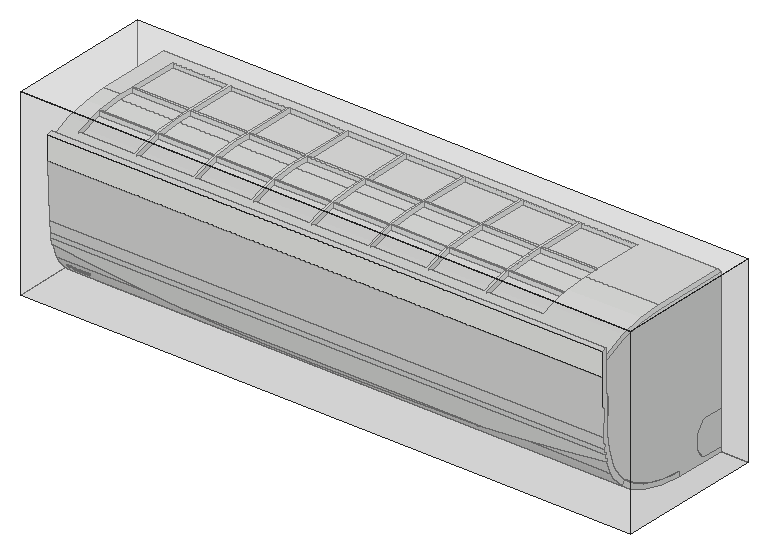
Revit family "outputfile", category 機械設備, Revit 2024
Family settings
  丸型コネクタ寸法 = 半径を使用
  パーツ タイプ = 標準
  OmniClass 番号 = 23.75.10.24.21.27.27
  OmniClass タイトル = Split System Air Conditioning Units
  作業面ベース = いいえ
  常に垂直 = はい
  ロード時にボイドで切り取り = いいえ
  注釈の向きを維持 = いいえ
  共有 = いいえ
  部屋計算ポイント = いいえ
Parameters (values of type "CTXM60RVMA")
  Description = ""
  書き出し IFC クラス(タイプ) = "IfcUnitaryEquipmentType"
  定義済み IFC タイプ(タイプ) = "AIRCONDITIONINGUNIT"
  Cost = 0
  Type Comments = ""
  Keynote = ""
  Type Image = (empty or 0)
  Assembly Code = ""
  w_wall hole = if(Width = 770.0 mm, 48.0 mm, if(Width = 990.0 mm, 60.0 mm, 89.0 mm))  # 60.0 mm
  製造元 = "Daikin"
  モデル = "CTXM60RVMA"
  switch_frequency = yes
  r_Liquid Pipe Size = Liquid Pipe Size / 2  # 3.2 mm
  r_Gas Pipe Size = Gas Pipe Size / 2  # 6.35 mm
  r_Drain Pipe Size = Drain Pipe Size / 2  # 8.0 mm
  lw_powersupply [instance] = if(Width = 770.0 mm, if(or(Rear Right Connection_refrigerant, Bottom Right Connection_refrigerant), 25.0 mm, if(or(Rear Left Connection_refrigerant, Bottom Left Connection_refrigerant), 745.0 mm, 400.0 mm)), if(Width = 990.0 mm, if(or(Rear Right Connection_refrigerant, Bottom Right Connection_refrigerant), 40.0 mm, if(or(Rear Left Connection_refrigerant, Bottom Left Connection_refrigerant), 920.0 mm, 400.0 mm)), if(Width = 1200.0 mm, if(or(Rear Right Connection_refrigerant, Bottom Right Connection_refrigerant), 89.0 mm - 19.0 mm, if(or(Rear Left Connection_refrigerant, Bottom Left Connection_refrigerant), 675.0 mm + (990.0 mm - 770.0 mm) + 145.0 mm + 22.0 mm + 89.0 mm, 400.0 mm)), if(or(Rear Right Connection_refrigerant, Bottom Right Connection_refrigerant), 89.0 mm - 19.0 mm, if(or(Rear Left Connection_refrigerant, Bottom Left Connection_refrigerant), 675.0 mm + (990.0 mm - 770.0 mm) + 145.0 mm + 22.0 mm + 89.0 mm, 400.0 mm)))))  # 400.0 mm
  lw_liquidpipe [instance] = if(Width = 770.0 mm, if(or(Rear Right Connection_refrigerant, Bottom Right Connection_refrigerant), 0.0 mm, if(or(Rear Left Connection_refrigerant, Bottom Left Connection_refrigerant), 664.0 mm, 385.0 mm)), if(Width = 990.0 mm, if(or(Rear Right Connection_refrigerant, Bottom Right Connection_refrigerant), 0.0 mm, if(or(Rear Left Connection_refrigerant, Bottom Left Connection_refrigerant), 664.0 mm + (990.0 mm - 770.0 mm), 475.0 mm)), if(Width = 1200.0 mm, if(or(Rear Right Connection_refrigerant, Bottom Right Connection_refrigerant), 0.0 mm, if(or(Rear Left Connection_refrigerant, Bottom Left Connection_refrigerant), 664.0 mm + (990.0 mm - 770.0 mm) + 145.0 mm, 460.0 mm)), if(or(Rear Right Connection_refrigerant, Bottom Right Connection_refrigerant), 0.0 mm, if(or(Rear Left Connection_refrigerant, Bottom Left Connection_refrigerant), 664.0 mm + (990.0 mm - 770.0 mm) + 145.0 mm, 460.0 mm)))))  # 475.0 mm
  lw_gaspipe [instance] = if(Width = 770.0 mm, if(or(Rear Right Connection_refrigerant, Bottom Right Connection_refrigerant), 0.0 mm, if(or(Rear Left Connection_refrigerant, Bottom Left Connection_refrigerant), 675.0 mm, if(Gas Pipe Size = 12.7 mm, 345.0 mm, 335.0 mm))), if(Width = 990.0 mm, if(or(Rear Right Connection_refrigerant, Bottom Right Connection_refrigerant), 10.0 mm, if(or(Rear Left Connection_refrigerant, Bottom Left Connection_refrigerant), 890.0 mm, if(Gas Pipe Size = 15.9 mm, 410.0 mm, 400.0 mm))), if(Width = 1200.0 mm, if(or(Rear Right Connection_refrigerant, Bottom Right Connection_refrigerant), 10.0 mm, if(or(Rear Left Connection_refrigerant, Bottom Left Connection_refrigerant), 675.0 mm + (990.0 mm - 770.0 mm) + 145.0 mm, 400.0 mm)), if(or(Rear Right Connection_refrigerant, Bottom Right Connection_refrigerant), 10.0 mm, if(or(Rear Left Connection_refrigerant, Bottom Left Connection_refrigerant), 675.0 mm + (990.0 mm - 770.0 mm) + 145.0 mm, 400.0 mm)))))  # 400.0 mm
  lw_drainpipe [instance] = if(Width = 770.0 mm, if(or(Rear Right Connection_refrigerant, Bottom Right Connection_refrigerant), 0.0 mm, if(or(Rear Left Connection_refrigerant, Bottom Left Connection_refrigerant), 770.0 mm - 48.0 mm - 48.0 mm, 440.0 mm)), if(Width = 990.0 mm, if(or(Rear Right Connection_refrigerant, Bottom Right Connection_refrigerant), 0.0 mm, if(or(Rear Left Connection_refrigerant, Bottom Left Connection_refrigerant), 675.0 mm + (990.0 mm - 770.0 mm), 435.0 mm)), if(Width = 1200.0 mm, if(or(Rear Right Connection_refrigerant, Bottom Right Connection_refrigerant), 0.0 mm, if(or(Rear Left Connection_refrigerant, Bottom Left Connection_refrigerant), 675.0 mm + (990.0 mm - 770.0 mm) + 145.0 mm, 465.0 mm)), if(or(Rear Right Connection_refrigerant, Bottom Right Connection_refrigerant), 0.0 mm, if(or(Rear Left Connection_refrigerant, Bottom Left Connection_refrigerant), 675.0 mm + (990.0 mm - 770.0 mm) + 145.0 mm, 465.0 mm)))))  # 435.0 mm
  l_powersupply_length [instance] = if(Width = 770.0 mm, if(Right Connection_refrigerant, 400.0 mm, if(Left Connection_refrigerant, 770.0 mm - 400.0 mm, if(or(Rear Left Connection_refrigerant, Rear Right Connection_refrigerant), 15.0 mm, 50.0 mm))), if(Width = 990.0 mm, if(Right Connection_refrigerant, 400.0 mm, if(Left Connection_refrigerant, 990.0 mm - 400.0 mm, if(or(Rear Left Connection_refrigerant, Rear Right Connection_refrigerant), 15.0 mm, 50.0 mm))), if(Width = 1200.0 mm, if(Right Connection_refrigerant, 400.0 mm, if(Left Connection_refrigerant, 1200.0 mm - 400.0 mm, if(or(Rear Left Connection_refrigerant, Rear Right Connection_refrigerant), 15.0 mm, 50.0 mm))), if(Right Connection_refrigerant, 400.0 mm, if(Left Connection_refrigerant, 1200.0 mm - 400.0 mm, if(or(Rear Left Connection_refrigerant, Rear Right Connection_refrigerant), 15.0 mm, 50.0 mm))))))  # 400.0 mm
  l_liquidpipe_length [instance] = if(Width = 770.0 mm, if(Right Connection_refrigerant, 433.0 mm, if(Left Connection_refrigerant, 337.0 mm, if(or(Rear Left Connection_refrigerant, Rear Right Connection_refrigerant), 30.0 mm, 40.0 mm))), if(Width = 990.0 mm, if(Right Connection_refrigerant, 535.0 mm, if(Left Connection_refrigerant, 455.0 mm, if(or(Rear Left Connection_refrigerant, Rear Right Connection_refrigerant), 30.0 mm, 40.0 mm))), if(Width = 1200.0 mm, if(Right Connection_refrigerant, 549.0 mm, if(Left Connection_refrigerant, 1200.0 mm - 549.0 mm, if(or(Rear Left Connection_refrigerant, Rear Right Connection_refrigerant), 30.0 mm, 40.0 mm))), if(Right Connection_refrigerant, 549.0 mm, if(Left Connection_refrigerant, 1200.0 mm - 549.0 mm, if(or(Rear Left Connection_refrigerant, Rear Right Connection_refrigerant), 30.0 mm, 40.0 mm))))))  # 535.0 mm
  l_gaspipe_length [instance] = if(Width = 770.0 mm, if(Right Connection_refrigerant, if(Gas Pipe Size = 12.7 mm, 393.0 mm, 383.0 mm), if(Left Connection_refrigerant, if(Gas Pipe Size = 12.7 mm, 770.0 mm - 393.0 mm, 770.0 mm - 383.0 mm), if(or(Rear Left Connection_refrigerant, Rear Right Connection_refrigerant), 40.0 mm, 50.0 mm))), if(Width = 990.0 mm, if(Right Connection_refrigerant, if(Gas Pipe Size = 15.9 mm, 470.0 mm, 460.0 mm), if(Left Connection_refrigerant, if(Gas Pipe Size = 15.9 mm, 990.0 mm - 470.0 mm, 990.0 mm - 460.0 mm), if(or(Rear Left Connection_refrigerant, Rear Right Connection_refrigerant), 40.0 mm, 50.0 mm))), if(Width = 1200.0 mm, if(Right Connection_refrigerant, 489.0 mm, if(Left Connection_refrigerant, 1200.0 mm - 489.0 mm, if(or(Rear Left Connection_refrigerant, Rear Right Connection_refrigerant), 40.0 mm, 50.0 mm))), if(Right Connection_refrigerant, 489.0 mm, if(Left Connection_refrigerant, 1200.0 mm - 489.0 mm, if(or(Rear Left Connection_refrigerant, Rear Right Connection_refrigerant), 40.0 mm, 50.0 mm))))))  # 460.0 mm
  l_drainpipe_length [instance] = if(Width = 770.0 mm, if(Right Connection_refrigerant, 488.0 mm, if(Left Connection_refrigerant, 282.0 mm, if(or(Rear Left Connection_refrigerant, Rear Right Connection_refrigerant), 15.0 mm, 20.0 mm))), if(Width = 990.0 mm, if(Right Connection_refrigerant, 495.0 mm, if(Left Connection_refrigerant, 495.0 mm, if(or(Rear Left Connection_refrigerant, Rear Right Connection_refrigerant), 15.0 mm, 20.0 mm))), if(Width = 1200.0 mm, if(Right Connection_refrigerant, 554.0 mm, if(Left Connection_refrigerant, 1200.0 mm - 554.0 mm, if(or(Rear Left Connection_refrigerant, Rear Right Connection_refrigerant), 15.0 mm, 20.0 mm))), if(Right Connection_refrigerant, 554.0 mm, if(Left Connection_refrigerant, 1200.0 mm - 554.0 mm, if(or(Rear Left Connection_refrigerant, Rear Right Connection_refrigerant), 15.0 mm, 20.0 mm))))))  # 495.0 mm
  h*** = 0.0 mm  # constant formula
  connector_voltage = Voltage_50Hz  # 230 V
  connector_powerinput = if([Power Input (Cooling)] > [Power Input (Heating)], [Power Input (Cooling)], [Power Input (Heating)])  # 0.000 kW
  connector_phase = Phase_50Hz  # 1
  angle_vertical [instance] = if(or(Bottom Left Connection_refrigerant, Bottom Right Connection_refrigerant), 0.00°, 90.00°)  # 90.00°
  angle_horizontal [instance] = if(Right Connection_refrigerant, 90.00°, if(Left Connection_refrigerant, -90.00°, if(or(Rear Left Connection_refrigerant, Rear Right Connection_refrigerant), 180.00°, 0.00°)))  # 90.00°
  Width = 990.0 mm
  Voltage_comment_50Hz = "220 - 240"
  Voltage_50Hz = 230 V
  Version = "ver.1.0"
  Unit Type = "Wall Mounted"
  Unit Mass Weight = 13.00 kg
  Unit Designation [instance] = ""
  Uniclass2015Version = "Products v1.30"
  Uniclass2015Title = "Split coil room air conditioning units"
  Uniclass2015Code = "Pr_70_65_03_86"
  URL = ""
  Total Heating Capacity [instance] = 0.000 kW
  Total Cooling Capacity [instance] = 0.000 kW
  Sound Pressure Level_M speed (dBA) = 42
  Sound Pressure Level_L speed (dBA) = 36
  Sound Pressure Level_H speed (dBA) = 48
  Sound Power Level_H speed (dB) = 0
  Series = "Multi Split_Fan Coil Unit"
  Sensible Cooling Capacity [instance] = 0.000 kW
  Refrigerant Type = "R32"
  Power Input (Heating) = 0.000 kW
  Power Input (Cooling) = 0.000 kW
  Phase_50Hz = 1
  Option Accessory 3 [instance] = ""
  Option Accessory 2 [instance] = ""
  Option Accessory 1 [instance] = ""
  Nominal Heating Capacity = 6.100 kW
  Nominal Cooling Capacity = 6.000 kW
  Minimum Circuit Amps_50Hz = 0.0 A
  Minimum Airflow = 762.00 m³/h
  Median Airflow = 948.00 m³/h
  Maximum Fuse Amps_50Hz = 0.0 A
  Maximum Airflow = 1170.00 m³/h
  Material_Casing = DAIKIN_White_Casing_indoorunit
  Load Classification = HVAC
  Liquid Pipe Size = 6.4 mm
  Link_Nested Family [instance] = ""
  IfcVersion = ""
  IfcExportType = "AIRCONDITIONINGUNIT"
  IfcExportAs = "IfcUnitaryEquipmentType"
  Height = 295.0 mm
  Heating Entering Wet Bulb Temperature [instance] = 0.00 °C
  Heating Entering Dry Bulb Temperature [instance] = 0.00 °C
  Heating Ambient Wet Bulb Temperature [instance] = 0.00 °C
  Heating Ambient Dry Bulb Temperature [instance] = 0.00 °C
  Heat Exchanger Type = "Cross Fin Coil"
  Gas Pipe Size = 12.7 mm
  Frequency_50Hz = 50 Hz
  Fan Type = "Cross Flow Fan"
  Fan Drive = "Direct Drive"
  FCU Tag No. [instance] = ""
  Drain Pipe Size = 16.0 mm
  Design Supply Airflow [instance] = 0.00 m³/h
  Depth = 263.0 mm
  既定の高さ = 0.0 mm
  Cooling Entering Wet Bulb Temperature [instance] = 0.00 °C
  Cooling Entering Dry Bulb Temperature [instance] = 0.00 °C
  Cooling Ambient Wet Bulb Temperature [instance] = 0.00 °C
  Cooling Ambient Dry Bulb Temperature [instance] = 0.00 °C
  Clearance visibility [instance] = yes
  Clearance Top = 30.0 mm
  Clearance Right = 50.0 mm
  Clearance Rear = 0.0 mm
  Clearance Left = 50.0 mm
  Clearance Front = 0.0 mm
  Clearance Bottom = 0.0 mm
  Bottom Right Connection_refrigerant [instance] = no
  Bottom Left Connection_refrigerant [instance] = no
  Rear Right Connection_refrigerant [instance] = no
  Rear Left Connection_refrigerant [instance] = no
  Right Connection_refrigerant [instance] = yes
  Left Connection_refrigerant [instance] = no
Reference planes
  plane 1 "Back": y = 0
  plane 2: z = 0
  plane 3 "Center (Left/Right)": x = 0
  plane 4 "Center (Front/Back)": y = -131.5
  plane 5 "Front": y = -263
  plane 6 "Left": x = -495
  plane 7 "Right": x = 495
  plane 8 "Top": z = 0
  plane 9 "Bottom": z = -295
  plane 10: x = -545
  plane 11: x = 545
  plane 12: y = 0
  plane 13: y = -263
  plane 14: z = 30
  plane 15: z = -295
  plane 16 "lw_Piping and Wiring intake": x = 435
  plane 17 "lw_gaspipe": x = 35
  plane 18 "lw_liquidpipe": x = -40
  plane 19 "lw_drainpipe": x = 0
  plane 20 "lh_drainpipe": z = -275
  plane 21 "lh_liquidpipe": z = -255
  plane 22 "lh_gaspipe": z = -245
  plane 23 "ld_drainpipe": y = -15
  plane 24 "ld_liquidpipe": y = -30
  plane 25 "ld_gaspipe": y = -40
  plane 26 "lw_powersupply": x = 95
Dimensions and locks
  equal spacing: plane 6 "Left", plane 3 "Center (Left/Right)", plane 7 "Right"
  "Width": plane 6 "Left" to plane 7 "Right"
  equal spacing: plane 5 "Front", plane 4 "Center (Front/Back)", plane 1 "Back"
  "Depth": plane 5 "Front" to plane 1 "Back"
  "Height": plane 8 "Top" to plane 9 "Bottom"
  "Clearance Rear": plane 12 to plane 1 "Back"
  "Clearance Front": plane 13 to plane 5 "Front"
  "Clearance Top": plane 14 to plane 8 "Top"
  "Clearance Bottom": plane 9 "Bottom" to plane 15
  "w_wall hole": plane 16 "lw_Piping and Wiring intake" to plane 7 "Right"
  "lw_gaspipe": plane 17 "lw_gaspipe" to plane 16 "lw_Piping and Wiring intake"
  "lw_liquidpipe": plane 18 "lw_liquidpipe" to plane 16 "lw_Piping and Wiring intake"
  "lw_drainpipe": plane 19 "lw_drainpipe" to plane 16 "lw_Piping and Wiring intake"
  locked: plane 20 "lh_drainpipe" to plane 9 "Bottom" at 20
  locked: plane 21 "lh_liquidpipe" to plane 9 "Bottom" at 40
  locked: plane 22 "lh_gaspipe" to plane 9 "Bottom" at 50
  locked: plane 23 "ld_drainpipe" to plane 1 "Back" at 15
  locked: plane 1 "Back" to plane 24 "ld_liquidpipe" at 30
  locked: plane 1 "Back" to plane 25 "ld_gaspipe" at 40
  "lw_powersupply": plane 26 "lw_powersupply" to plane 7 "Right"
  "Clearance Right": plane 7 "Right" to plane 11
  "Clearance Left": plane 10 to plane 6 "Left"
  aligned and locked: level to plane 2
  aligned and locked: plane 12 to nested 1
  aligned and locked: nested 1 to plane 13
  aligned and locked: plane 10 to nested 1
  aligned and locked: plane 11 to nested 1
  aligned and locked: plane 15 to nested 1
  aligned and locked: plane 14 to nested 1
  aligned and locked: plane 17 "lw_gaspipe" to nested 2
  aligned and locked: nested 2 to plane 25 "ld_gaspipe"
  aligned and locked: plane 18 "lw_liquidpipe" to nested 3
  aligned and locked: nested 3 to plane 24 "ld_liquidpipe"
  aligned and locked: plane 19 "lw_drainpipe" to nested 4
  aligned and locked: nested 4 to plane 23 "ld_drainpipe"
  aligned and locked: nested 5 to plane 23 "ld_drainpipe"
  aligned and locked: plane 26 "lw_powersupply" to nested 5
  aligned and locked: level to plane 8 "Top"
  aligned and locked: plane 3 "Center (Left/Right)" to nested 6
  aligned and locked: plane 1 "Back" to nested 6
  aligned and locked: plane 8 "Top" to nested 6
Nested families
  nested 1: "daikin_clearancespace" at (0, -131.5, -132.381), show <- "Clearance visibility", visible <- "Clearance visibility", Link_Nested Family <- "Link_Nested Family", type "daikin_clearancespace"
    with width 1090.0 mm, show yes, height 325.0 mm, depth 263.0 mm, Link_Nested Family ""
  nested 2: "daikin_connector_rotate3" at (35, -40, -245), angle_vertical <- "angle_vertical", angle_horizontal <- "angle_horizontal", length <- "l_gaspipe_length", radius <- "r_Gas Pipe Size", type "daikin_connector_rotate3"
    with show no, radius 6.35 mm, length 460.0 mm, angle_vertical 90.00°, angle_horizontal 90.00°
  nested 3: "daikin_connector_rotate3" at (-40, -30, -255), angle_vertical <- "angle_vertical", angle_horizontal <- "angle_horizontal", radius <- "r_Liquid Pipe Size", length <- "l_liquidpipe_length", type "daikin_connector_rotate3"
    with show no, radius 3.2 mm, length 535.0 mm, angle_vertical 90.00°, angle_horizontal 90.00°
  nested 4: "daikin_connector_rotate3" at (0, -15, -275), angle_vertical <- "angle_vertical", angle_horizontal <- "angle_horizontal", length <- "l_drainpipe_length", radius <- "r_Drain Pipe Size", type "daikin_connector_rotate3"
    with show no, radius 8.0 mm, length 495.0 mm, angle_vertical 90.00°, angle_horizontal 90.00°
  nested 5: "daikin_connector_rotate3" at (95, -15, -245), angle_vertical <- "angle_vertical", angle_horizontal <- "angle_horizontal", length <- "l_powersupply_length", type "daikin_connector_rotate3"
    with show no, radius 10.0 mm, length 400.0 mm, angle_vertical 90.00°, angle_horizontal 90.00°
  nested 6: "DAIKIN_indoorunit_CTXM-RVMA" at (-31, 0, 0), type "CTXM-RVMA"
    with switch_unit1_50-71 yes, switch_unit1_20-46 no, Width 990.0 mm, WALL HOLE-R 60.0 mm, WALL HOLE Size 80.0 mm, Height 295.0 mm
Connectors
  piping at (495, -40, -245), diameter 12.7, driven by "r_Gas Pipe Size"
    settings: on nested 2, index 1, connector inside diameter 609.6 mm, connector length 0.0 mm, flow factor 0, pipe flow 0.00 m³/h, pressure drop 0.0 Pa, fitting loss kfactor 0, connector angle 0.00°, fixture units 0, engagement length 0.0 mm, angle of deflection 0.00°, flow configuration 1, flow direction 2, fitting loss method 0, system type 29, joint type 0, gender type 0, connector reference index -1, connector utility 0, adjustable connector no, is connector primary yes, connector description "Refrigerant Gas Piping"
  piping at (495, -30, -255), diameter 6.4, driven by "r_Liquid Pipe Size"
    settings: on nested 3, index 2, connector inside diameter 609.6 mm, connector length 0.0 mm, flow factor 0, pipe flow 0.00 m³/h, pressure drop 0.0 Pa, fitting loss kfactor 0, connector angle 0.00°, fixture units 0, engagement length 0.0 mm, angle of deflection 0.00°, flow configuration 1, flow direction 1, fitting loss method 0, system type 29, joint type 0, gender type 0, connector reference index -1, connector utility 0, adjustable connector no, is connector primary no, connector description "Refrigerant Liquid Piping"
  piping at (495, -15, -275), diameter 16, driven by "r_Drain Pipe Size"
    settings: on nested 4, index 3, connector inside diameter 609.6 mm, connector length 0.0 mm, flow factor 0, pipe flow 0.00 m³/h, pressure drop 0.0 Pa, fitting loss kfactor 0, connector angle 0.00°, fixture units 0, engagement length 0.0 mm, angle of deflection 0.00°, flow configuration 1, flow direction 2, fitting loss method 4, system type 16, joint type 0, gender type 0, connector reference index -1, connector utility 0, adjustable connector no, is connector primary no, connector description "Condensate Drain Piping"
  electrical at (495, -15, -245), driven by "Load Classification", driven by "connector_voltage", driven by "connector_phase", driven by "connector_powerinput"
    settings: on nested 5, index 4, voltage 230 V, apparent load 0 VA, apparent load phase1 0 VA, apparent load phase2 0 VA, apparent load phase3 0 VA, power factor 1, load classification "HVAC", number of poles 1, system type 30, power factor state 1, is connector primary yes, connector utility no, sub classification motor no, connector description "Power Supply"
Definition of nested family "daikin_clearancespace"
  Parameters (values of type "daikin_clearancespace")
    Description = "daikin_clearancespace"
    width [instance] = 1823.963 mm
    show [instance] = yes
    material = none
    height [instance] = 1359.762 mm
    depth [instance] = 880.0 mm
    Default Elevation = 0.0 mm
    Link_Nested Family [instance] = ""
  Reference planes
    plane 1 "Center (Front/Back)": y = 0
    plane 2 "Center (Elevation)": z = -0.119
    plane 3 "Center (Left/Right)": x = 0
    plane 4: y = 440
    plane 5: y = -440
    plane 6 "Right": x = 911.982
    plane 7 "Left": x = -911.982
    plane 8 "Top": z = 679.762
    plane 9 "Bottom": z = -680
  Forms (mm)
    Extrusion 1, solid, material <- "material", visible <- "show"
      sketch origin (0, 0, 0) x (1, 0, 0) y (0, 1, 0)
        loop
          line (-911.982, 440) -> (-911.982, -440) -> (911.982, -440) -> (911.982, 440) -> (-911.982, 440)
      from -680 to 679.762
  Lines and regions (mm)
    symbolic lines, visible <- "show"
      curve 1: line (911.982, 440, 0) -> (-911.982, 440, 0)
      curve 2: line (-911.982, 440, 0) -> (-911.982, -440, 0)
      curve 3: line (-911.982, -440, 0) -> (911.982, -440, 0)
      curve 4: line (911.982, -440, 0) -> (911.982, 440, 0)
      curve 5: line (911.982, 0, 679.762) -> (-911.982, 0, 679.762)
      curve 6: line (911.982, 0, -680) -> (911.982, 0, 679.762)
      curve 7: line (-911.982, 0, -680) -> (911.982, 0, -680)
      curve 8: line (-911.982, 0, 679.762) -> (-911.982, 0, -680)
      curve 9: line (0, 440, 679.762) -> (0, -440, 679.762)
      curve 10: line (0, -440, 679.762) -> (0, -440, -680)
      curve 11: line (0, 440, -680) -> (0, 440, 679.762)
      curve 12: line (0, -440, -680) -> (0, 440, -680)
  Dimensions and locks
    "width": plane 7 "Left" to plane 6 "Right"
    "depth": plane 4 to plane 5
    "height": plane 8 "Top" to plane 9 "Bottom"
    equal spacing: plane 7 "Left", plane 3 "Center (Left/Right)", plane 6 "Right"
    equal spacing: plane 4, plane 1 "Center (Front/Back)", plane 5
    equal spacing: plane 8 "Top", plane 2 "Center (Elevation)", plane 9 "Bottom"
    aligned and locked: level to plane 2 "Center (Elevation)"
    aligned and locked: Extrusion 1 sketch curve to plane 4
    aligned and locked: plane 7 "Left" to Extrusion 1 sketch curve
    aligned and locked: Extrusion 1 sketch curve to plane 5
    aligned and locked: Extrusion 1 sketch curve to plane 6 "Right"
    aligned and locked: plane 8 "Top" to Extrusion 1
    aligned and locked: curve 1 to Extrusion 1
    aligned and locked: curve 2 to Extrusion 1
    aligned and locked: curve 3 to Extrusion 1
    aligned and locked: curve 4 to Extrusion 1
    aligned and locked: curve 5 to Extrusion 1
    aligned and locked: curve 6 to Extrusion 1
    aligned and locked: curve 7 to Extrusion 1
    aligned and locked: curve 8 to Extrusion 1
    aligned and locked: curve 9 to Extrusion 1
    aligned and locked: curve 10 to Extrusion 1
    aligned and locked: curve 11 to Extrusion 1
    aligned and locked: curve 12 to Extrusion 1
    aligned and locked: Extrusion 1 to plane 9 "Bottom"
Definition of nested family "DAIKIN_indoorunit_CTXM-RVMA"
  Parameters (values of type "CTXM-RVMA")
    switch_unit1_85-95 = Width = 1200.0 mm  # no
    switch_unit1_50-71 = Width = 990.0 mm  # no
    switch_unit1_20-46 = Width = 770.0 mm  # yes
    Width = 770.0 mm
    WALL HOLE_L = if(Width = 1200.0 mm, 65.0 mm, 48.0 mm)  # 48.0 mm
    WALL HOLE_H = if(Width = 1200.0 mm, 45.0 mm, 44.5 mm)  # 44.5 mm
    WALL HOLE-R = if(Width = 770.0 mm, 48.0 mm, if(Width = 990.0 mm, 60.0 mm, 89.0 mm))  # 48.0 mm
    WALL HOLE Size = if(Width = 770.0 mm, 65.0 mm, 80.0 mm)  # 65.0 mm
    Material_Casing = none
    Height = if(Width = 770.0 mm, 285.0 mm, if(Width = 990.0 mm, 295.0 mm, 340.0 mm))  # 285.0 mm
    Default Elevation = 0.0 mm
  Reference planes
    plane 1 "Center (Front/Back)": y = 0
    plane 2 "reference_level": z = 0
    plane 3 "Center (Left/Right)": x = 31
    plane 4: x = -354
    plane 5: x = 416
    plane 6: z = -285
  Forms (mm)
    Extrusion 1, solid, material <- "Material_Casing", visible <- "switch_unit1_20-46"
      sketch origin (29, 0, 0) x (0, 1, 0) y (0, 0, 1)
        loop
          line (-5, 0) -> (-98, 0)
          arc (-98, 0) -> (-157.611, -7.211) -> (-213.783, -28.427) r 250
          arc (-213.783, -28.427) -> (-213.842, -32.972) -> (-213.892, -37.516) r 2191
          arc (-213.892, -37.516) -> (-157.832, -15.495) -> (-98.07, -8) r 242
          line (-98.07, -8) -> (0, -8) -> (-5, 0)
      from -383 to 387
    Extrusion 2, solid, material <- "Material_Casing", visible <- "switch_unit1_20-46"
      sketch origin (416, 1296.25, 1200) x (0, 1, 0) y (0, 0, 1)
        loop
          line (-1472.998, -1446.91) -> (-1476.998, -1453.839)
          arc (-1476.998, -1453.839) -> (-1437.481, -1472.422) -> (-1395.25, -1483.538) r 240
          line (-1395.25, -1483.538) -> (-1395.25, -1475.422)
          arc (-1395.25, -1475.422) -> (-1435.407, -1464.663) -> (-1472.998, -1446.91) r 232
      from 0 to -47.5
    Extrusion 3, solid, material <- "Material_Casing", visible <- "switch_unit1_20-46"
      sketch origin (29, 0, 0) x (0, 1, 0) y (0, 0, 1)
        loop
          arc (-223, -60.455) -> (-222.414, -110.646) -> (-220.656, -160.81) r 2149.92
          arc (-220.656, -160.81) -> (-219.65, -174.299) -> (-217.853, -187.706) r 229.911
          arc (-217.853, -187.706) -> (-205.371, -223.594) -> (-181.517, -253.17) r 111
          line (-181.517, -253.17) -> (-177.429, -246.093)
          arc (-177.429, -246.093) -> (-198.77, -218.989) -> (-209.965, -186.36) r 103
          arc (-209.965, -186.36) -> (-211.681, -173.586) -> (-212.651, -160.735) r 221.844
          arc (-212.651, -160.735) -> (-214.739, -93.233) -> (-214.74, -25.699) r 2186.828
          arc (-214.74, -25.699) -> (-214.671, -21.467) -> (-214.594, -17.235) r 2192
          line (-214.594, -17.235) -> (-223, -19.961) -> (-223, -60.455)
      from -383 to 387
    Extrusion 4, solid, material <- "Material_Casing", visible <- "switch_unit1_20-46"
      sketch origin (29, 0, 0) x (0, 1, 0) y (0, 0, 1)
        loop
          line (-181.517, -253.17) -> (-179.597, -249.846)
          arc (-179.597, -249.846) -> (-202.009, -221.399) -> (-213.189, -186.952) r 103
          line (-213.189, -186.952) -> (-217.853, -187.706)
          arc (-217.853, -187.706) -> (-217.533, -189.556) -> (-217.182, -191.4) r 111
          arc (-217.182, -191.4) -> (-213.806, -208.181) -> (-210.362, -224.948) r 4257.809
          arc (-210.362, -224.948) -> (-198.886, -237.857) -> (-186.225, -249.607) r 180
          line (-186.225, -249.607) -> (-181.517, -253.17)
      from -383 to 387
    Extrusion 5, solid, material <- "Material_Casing", visible <- "switch_unit1_20-46"
      sketch origin (29, 0, -20) x (0, 1, 0) y (0, 0, 1)
        loop
          line (0, -265) -> (0, 12) -> (-98.07, 12)
          arc (-98.07, 12) -> (-157.832, 4.505) -> (-213.892, -17.516) r 242
          arc (-213.892, -17.516) -> (-213.638, -79.114) -> (-211.653, -140.681) r 2191
          arc (-211.653, -140.681) -> (-210.685, -153.501) -> (-208.973, -166.243) r 221
          arc (-208.973, -166.243) -> (-197.471, -199.282) -> (-175.482, -226.491) r 102
          arc (-175.482, -226.491) -> (-138.004, -244.019) -> (-98, -254.579) r 231
          line (-98, -254.579) -> (-98, -265) -> (0, -265)
      from -383 to 387
    Extrusion 6, solid, material <- "Material_Casing", visible <- "switch_unit1_20-46"
      sketch origin (-354, 1296.25, 1200) x (0, 1, 0) y (0, 0, 1)
        loop
          line (-1472.998, -1446.91) -> (-1476.998, -1453.839)
          arc (-1476.998, -1453.839) -> (-1437.481, -1472.422) -> (-1395.25, -1483.538) r 240
          line (-1395.25, -1483.538) -> (-1395.25, -1475.422)
          arc (-1395.25, -1475.422) -> (-1435.407, -1464.663) -> (-1472.998, -1446.91) r 232
      from 47 to 0
    Extrusion 7, solid, material <- "Material_Casing", visible <- "switch_unit1_20-46"
      sketch origin (416, 1296.25, 1200) x (0, 1, 0) y (0, 0, 1)
        loop
          line (-1472.998, -1446.91) -> (-1476.998, -1453.839)
          arc (-1476.998, -1453.839) -> (-1443.437, -1470.168) -> (-1407.75, -1481.097) r 240
          line (-1407.75, -1481.097) -> (-1407.75, -1472.894)
          arc (-1407.75, -1472.894) -> (-1441.363, -1462.385) -> (-1472.998, -1446.91) r 232
      from -116.993 to -48.493
    Extrusion 8, solid, material <- "Material_Casing", visible <- "switch_unit1_20-46"
      sketch origin (416, 1296.25, 1200) x (0, 1, 0) y (0, 0, 1)
        loop
          line (-1472.998, -1446.91) -> (-1476.998, -1453.839)
          arc (-1476.998, -1453.839) -> (-1443.437, -1470.168) -> (-1407.75, -1481.097) r 240
          line (-1407.75, -1481.097) -> (-1407.75, -1472.894)
          arc (-1407.75, -1472.894) -> (-1441.363, -1462.385) -> (-1472.998, -1446.91) r 232
      from -717 to -121.993
    Extrusion 9, void
      sketch origin (31, 0, -235) x (1, 0, 0) y (0, 1, 0)
        loop
          line (-252.674, -22.316) -> (-354.941, -22.316) -> (-354.941, -91.341) -> (-252.674, -91.341) -> (-252.674, -22.316)
        loop
          line (-249.341, -91.341) -> (-151.574, -91.341) -> (-151.574, -22.316) -> (-249.341, -22.316) -> (-249.341, -91.341)
        loop
          line (58.309, -22.316) -> (-148.309, -22.316) -> (-148.309, -91.341) -> (58.309, -91.341) -> (58.309, -22.316)
        loop
          line (61.689, -22.316) -> (61.689, -91.341) -> (159.457, -91.341) -> (159.457, -22.316) -> (61.689, -22.316)
        loop
          line (162.789, -22.316) -> (162.789, -91.341) -> (265.057, -91.341) -> (265.057, -22.316) -> (162.789, -22.316)
        loop
          line (-354.941, -94.659) -> (-354.941, -165.259) -> (-252.674, -165.259) -> (-252.674, -94.659) -> (-354.941, -94.659)
        loop
          line (-249.341, -94.659) -> (-249.341, -165.259) -> (-151.574, -165.259) -> (-151.574, -94.659) -> (-249.341, -94.659)
        loop
          line (-148.309, -94.659) -> (-148.309, -165.259) -> (58.309, -165.259) -> (58.309, -94.659) -> (-148.309, -94.659)
        loop
          line (61.689, -94.659) -> (61.689, -165.259) -> (159.457, -165.259) -> (159.457, -94.659) -> (61.689, -94.659)
        loop
          line (162.789, -94.659) -> (162.789, -165.259) -> (265.057, -165.259) -> (265.057, -94.659) -> (162.789, -94.659)
        loop
          line (-354.941, -167.382) -> (-354.941, -192.681) -> (-252.674, -192.681) -> (-252.674, -167.382) -> (-354.941, -167.382)
        loop
          line (-249.341, -167.382) -> (-249.341, -192.681) -> (-151.574, -192.681) -> (-151.574, -167.382) -> (-249.341, -167.382)
        loop
          line (-148.309, -167.382) -> (-148.309, -192.681) -> (58.309, -192.681) -> (58.309, -167.382) -> (-148.309, -167.382)
        loop
          line (159.457, -167.382) -> (61.689, -167.382) -> (61.689, -192.681) -> (159.457, -192.681) -> (159.457, -167.382)
        loop
          line (265.057, -167.382) -> (162.789, -167.382) -> (162.789, -192.681) -> (265.057, -192.681) -> (265.057, -167.382)
      from 201.638 to 250
    Extrusion 10, void
      sketch origin (31, 0, 0) x (1, 0, 0) y (0, 0, 1)
        loop
          arc (597, -174.907) -> (0.056, -245.263) -> (-597, -175.856) r 2585.042
          line (-597, -175.856) -> (-597, -352.872) -> (597, -352.872) -> (597, -174.907)
      from 173 to 315.3
    Extrusion 11, solid, material <- "Material_Casing"
      sketch origin (31, 0, 0) x (1, 0, 0) y (0, 0, 1)
        loop
          circle (337, -240.5) r 32.5
        loop
          circle (-337, -240.5) r 32.5
      from 0 to 5
    Extrusion 12, solid, material <- "Material_Casing", visible <- "switch_unit1_20-46"
      sketch origin (416, 1296.25, 1200) x (0, -1, 0) y (0, 0, 1)
        loop
          line (1326.25, -1417) -> (1296.25, -1417) -> (1296.25, -1477) -> (1326.25, -1477)
          arc (1326.25, -1477) -> (1340.393, -1471.142) -> (1346.25, -1457) r 20
          line (1346.25, -1457) -> (1346.25, -1437)
          arc (1346.25, -1437) -> (1340.393, -1422.858) -> (1326.25, -1417) r 20
      from 0 to 5
    Extrusion 13, solid, material <- "Material_Casing", visible <- "switch_unit1_20-46"
      sketch origin (-354, 1296.25, 1200) x (0, 1, 0) y (0, 0, 1)
        loop
          line (-1296.25, -1417) -> (-1326.25, -1417)
          arc (-1326.25, -1417) -> (-1340.393, -1422.858) -> (-1346.25, -1437) r 20
          line (-1346.25, -1437) -> (-1346.25, -1457)
          arc (-1346.25, -1457) -> (-1340.393, -1471.142) -> (-1326.25, -1477) r 20
          line (-1326.25, -1477) -> (-1296.25, -1477) -> (-1296.25, -1417)
      from 0 to 5
    Extrusion 14, solid, material <- "Material_Casing", visible <- "switch_unit1_20-46"
      sketch origin (31, 0, -285) x (-1, 0, 0) y (0, -1, 0)
        loop
          line (-314, 0) -> (-314, 30)
          arc (-314, 30) -> (-319.858, 44.142) -> (-334, 50) r 20
          line (-334, 50) -> (-354, 50)
          arc (-354, 50) -> (-368.142, 44.142) -> (-374, 30) r 20
          line (-374, 30) -> (-374, 0) -> (-314, 0)
        loop
          line (374, 0) -> (374, 30)
          arc (374, 30) -> (368.142, 44.142) -> (354, 50) r 20
          line (354, 50) -> (334, 50)
          arc (334, 50) -> (319.858, 44.142) -> (314, 30) r 20
          line (314, 30) -> (314, 0) -> (374, 0)
      from 0 to 5
    Extrusion 15, solid, material <- "Material_Casing", visible <- "switch_unit1_50-71"
      sketch origin (31, 0, 0) x (0, 1, 0) y (0, 0, 1)
        loop
          line (-5, 0) -> (-138, 0)
          arc (-138, 0) -> (-197.611, -7.211) -> (-253.783, -28.427) r 250
          arc (-253.783, -28.427) -> (-253.838, -32.687) -> (-253.886, -36.946) r 2191
          arc (-253.886, -36.946) -> (-197.73, -15.346) -> (-138.014, -8) r 246.393
          line (-138.014, -8) -> (0, -8) -> (-5, 0)
      from -495 to 495
    Extrusion 16, solid, material <- "Material_Casing", visible <- "switch_unit1_50-71"
      sketch origin (418, 1296.25, 1200) x (0, 1, 0) y (0, 0, 1)
        loop
          arc (-1515.208, -1454.149) -> (-1506.856, -1460.599) -> (-1497.925, -1466.219) r 110
          arc (-1497.925, -1466.219) -> (-1445.718, -1487.493) -> (-1389.844, -1494.995) r 223
          line (-1389.844, -1494.995) -> (-1389.844, -1486.086) -> (-1404.386, -1486.086)
          arc (-1404.386, -1486.086) -> (-1449.542, -1477.46) -> (-1491.818, -1459.402) r 214.289
          arc (-1491.818, -1459.402) -> (-1501.056, -1453.541) -> (-1509.606, -1446.715) r 101
          line (-1509.606, -1446.715) -> (-1515.208, -1454.149)
      from 108 to 57.5
    Extrusion 17, solid, material <- "Material_Casing", visible <- "switch_unit1_50-71"
      sketch origin (31, 0, 0) x (0, 1, 0) y (0, 0, 1)
        loop
          line (-263, -19.962) -> (-263, -61.6)
          arc (-263, -61.6) -> (-262.414, -110.219) -> (-260.656, -158.81) r 2017.341
          arc (-260.656, -158.81) -> (-255.648, -191.935) -> (-244.041, -223.362) r 164.725
          arc (-244.041, -223.362) -> (-233.569, -239.793) -> (-219.717, -253.495) r 87.379
          line (-219.717, -253.495) -> (-214.706, -246.846)
          arc (-214.706, -246.846) -> (-229.564, -230.029) -> (-240.385, -210.371) r 102
          arc (-240.385, -210.371) -> (-249.049, -182.962) -> (-252.848, -154.467) r 165.789
          arc (-252.848, -154.467) -> (-254.771, -90.102) -> (-254.74, -25.708) r 2122.533
          arc (-254.74, -25.708) -> (-254.671, -21.469) -> (-254.594, -17.23) r 2192
          line (-254.594, -17.23) -> (-263, -19.962)
      from -495 to 495
    Extrusion 18, void
      sketch origin (33, 0, 0) x (1, 0, 0) y (0, 1, 0)
        loop
          line (-466.909, -22.316) -> (-466.909, -111.341) -> (-366.303, -111.341) -> (-366.303, -22.316) -> (-466.909, -22.316)
        loop
          line (-362.71, -22.316) -> (-362.71, -111.341) -> (-262.103, -111.341) -> (-262.103, -22.316) -> (-362.71, -22.316)
        loop
          line (-258.51, -22.316) -> (-258.51, -111.341) -> (-157.904, -111.341) -> (-157.904, -22.316) -> (-258.51, -22.316)
        loop
          line (-154.31, -22.316) -> (-154.31, -111.341) -> (-53.704, -111.341) -> (-53.704, -22.316) -> (-154.31, -22.316)
        loop
          line (-50.11, -22.316) -> (-50.11, -111.341) -> (50.496, -111.341) -> (50.496, -22.316) -> (-50.11, -22.316)
        loop
          line (54.089, -22.316) -> (54.089, -111.341) -> (154.696, -111.341) -> (154.696, -22.316) -> (54.089, -22.316)
        loop
          line (158.289, -22.316) -> (158.289, -111.341) -> (258.895, -111.341) -> (258.895, -22.316) -> (158.289, -22.316)
        loop
          line (262.489, -22.316) -> (262.489, -111.341) -> (363.095, -111.341) -> (363.095, -22.316) -> (262.489, -22.316)
        loop
          line (-466.909, -114.459) -> (-466.909, -185.059) -> (-366.303, -185.059) -> (-366.303, -114.459) -> (-466.909, -114.459)
        loop
          line (-362.71, -114.459) -> (-362.71, -185.059) -> (-262.103, -185.059) -> (-262.103, -114.459) -> (-362.71, -114.459)
        loop
          line (-258.51, -114.459) -> (-258.51, -185.059) -> (-157.904, -185.059) -> (-157.904, -114.459) -> (-258.51, -114.459)
        loop
          line (-154.31, -114.459) -> (-154.31, -185.059) -> (-53.704, -185.059) -> (-53.704, -114.459) -> (-154.31, -114.459)
        loop
          line (-50.11, -114.459) -> (-50.11, -185.059) -> (50.496, -185.059) -> (50.496, -114.459) -> (-50.11, -114.459)
        loop
          line (54.089, -114.459) -> (54.089, -185.059) -> (154.696, -185.059) -> (154.696, -114.459) -> (54.089, -114.459)
        loop
          line (158.289, -114.459) -> (158.289, -185.059) -> (258.895, -185.059) -> (258.895, -114.459) -> (158.289, -114.459)
        loop
          line (262.489, -114.459) -> (262.489, -185.059) -> (363.095, -185.059) -> (363.095, -114.459) -> (262.489, -114.459)
        loop
          line (-466.909, -187.382) -> (-466.909, -232.681) -> (-366.303, -232.681) -> (-366.303, -187.382) -> (-466.909, -187.382)
        loop
          line (-362.71, -187.382) -> (-362.71, -232.681) -> (-262.103, -232.681) -> (-262.103, -187.382) -> (-362.71, -187.382)
        loop
          line (-258.51, -187.382) -> (-258.51, -232.681) -> (-157.904, -232.681) -> (-157.904, -187.382) -> (-258.51, -187.382)
        loop
          line (-154.31, -187.382) -> (-154.31, -232.681) -> (-53.704, -232.681) -> (-53.704, -187.382) -> (-154.31, -187.382)
        loop
          line (-50.11, -187.382) -> (-50.11, -232.681) -> (50.496, -232.681) -> (50.496, -187.382) -> (-50.11, -187.382)
        loop
          line (54.089, -187.382) -> (54.089, -232.681) -> (154.696, -232.681) -> (154.696, -187.382) -> (54.089, -187.382)
        loop
          line (158.289, -187.382) -> (158.289, -232.681) -> (258.895, -232.681) -> (258.895, -187.382) -> (158.289, -187.382)
        loop
          line (262.489, -187.382) -> (262.489, -232.681) -> (363.095, -232.681) -> (363.095, -187.382) -> (262.489, -187.382)
      from -40.013 to 47.268
    Extrusion 19, void
      sketch origin (33, 0, 2300) x (1, 0, 0) y (0, 0, 1)
        loop
          line (705, -2672.872) -> (705, -2462.4)
          arc (705, -2462.4) -> (-2.043, -2534.819) -> (-709, -2461.567) r 3467.757
          line (-709, -2461.567) -> (-709, -2672.872) -> (705, -2672.872)
      from 173 to 315.3
    Extrusion 20, solid, material <- "Material_Casing", visible <- "switch_unit1_50-71"
      sketch origin (-356, 1296.25, 1200) x (0, 1, 0) y (0, 0, -1)
        loop
          line (-1515.208, 1454.149) -> (-1509.606, 1446.715)
          arc (-1509.606, 1446.715) -> (-1501.056, 1453.541) -> (-1491.818, 1459.402) r 101
          arc (-1491.818, 1459.402) -> (-1449.542, 1477.46) -> (-1404.386, 1486.086) r 214.289
          line (-1404.386, 1486.086) -> (-1389.844, 1486.086) -> (-1389.844, 1494.995)
          arc (-1389.844, 1494.995) -> (-1445.718, 1487.493) -> (-1497.925, 1466.219) r 223
          arc (-1497.925, 1466.219) -> (-1506.856, 1460.599) -> (-1515.208, 1454.149) r 110
      from 108 to 61
    Extrusion 21, solid, material <- "Material_Casing", visible <- "switch_unit1_50-71"
      sketch origin (418, 1296.25, 1200) x (0, 1, 0) y (0, 0, 1)
        loop
          arc (-1515.208, -1454.149) -> (-1506.856, -1460.599) -> (-1497.925, -1466.219) r 110
          arc (-1497.925, -1466.219) -> (-1463.185, -1482.066) -> (-1426.25, -1491.755) r 223
          line (-1426.25, -1491.755) -> (-1426.25, -1483.166)
          arc (-1426.25, -1483.166) -> (-1460.008, -1473.969) -> (-1491.818, -1459.402) r 214.289
          arc (-1491.818, -1459.402) -> (-1501.056, -1453.541) -> (-1509.606, -1446.715) r 101
          line (-1509.606, -1446.715) -> (-1515.208, -1454.149)
      from 56.5 to -36.993
    Extrusion 22, solid, material <- "Material_Casing", visible <- "switch_unit1_50-71"
      sketch origin (418, 1296.25, 1200) x (0, 1, 0) y (0, 0, 1)
        loop
          arc (-1426.25, -1483.166) -> (-1443.442, -1479.224) -> (-1460.25, -1473.881) r 214.289
          line (-1460.25, -1473.881) -> (-1460.25, -1483.089)
          arc (-1460.25, -1483.089) -> (-1443.421, -1488.091) -> (-1426.25, -1491.755) r 223
          line (-1426.25, -1491.755) -> (-1426.25, -1483.166)
      from -43.493 to -828.893
    Extrusion 23, solid, material <- "Material_Casing", visible <- "switch_unit1_50-71"
      sketch origin (418, 1296.25, 1200) x (0, 1, 0) y (0, 0, 1)
        loop
          arc (-1515.208, -1454.149) -> (-1506.856, -1460.599) -> (-1497.925, -1466.219) r 110
          arc (-1497.925, -1466.219) -> (-1479.479, -1475.527) -> (-1460.25, -1483.089) r 223
          line (-1460.25, -1483.089) -> (-1460.25, -1473.881)
          arc (-1460.25, -1473.881) -> (-1476.328, -1467.282) -> (-1491.818, -1459.402) r 214.289
          arc (-1491.818, -1459.402) -> (-1501.056, -1453.541) -> (-1509.606, -1446.715) r 101
          line (-1509.606, -1446.715) -> (-1515.208, -1454.149)
      from -43.493 to -828.893
    Extrusion 24, solid, material <- "Material_Casing", visible <- "switch_unit1_50-71"
      sketch origin (31, 0, 0) x (0, 1, 0) y (0, 0, 1)
        loop
          arc (-217.78, -250.924) -> (-234.088, -233.307) -> (-245.826, -212.366) r 102
          arc (-245.826, -212.366) -> (-251.608, -196.062) -> (-255.659, -179.245) r 165.789
          line (-255.659, -179.245) -> (-258.299, -179.737)
          arc (-258.299, -179.737) -> (-257.524, -183.799) -> (-256.646, -187.84) r 164.725
          arc (-256.646, -187.84) -> (-252.868, -206.25) -> (-249.973, -224.82) r 393.089
          arc (-249.973, -224.82) -> (-239.237, -236.969) -> (-227.451, -248.102) r 180
          arc (-227.451, -248.102) -> (-223.723, -250.998) -> (-219.717, -253.495) r 45.878
          line (-219.717, -253.495) -> (-217.78, -250.924)
      from -495 to 495
    Extrusion 25, solid, material <- "Material_Casing", visible <- "switch_unit1_50-71"
      sketch origin (31, 0, -30) x (0, 1, 0) y (0, 0, 1)
        loop
          line (0, 22) -> (-138.014, 22)
          arc (-138.014, 22) -> (-197.73, 14.654) -> (-253.886, -6.946) r 246.393
          arc (-253.886, -6.946) -> (-253.682, -65.635) -> (-251.855, -124.295) r 2120.935
          arc (-251.855, -124.295) -> (-248.086, -152.682) -> (-239.461, -179.988) r 164.789
          arc (-239.461, -179.988) -> (-228.903, -199.231) -> (-214.437, -215.738) r 101
          line (-214.437, -215.738) -> (-212.406, -216.221)
          arc (-212.406, -216.221) -> (-204.07, -222.837) -> (-195.079, -228.53) r 100
          arc (-195.079, -228.53) -> (-145.557, -248.629) -> (-92.593, -255.785) r 213.289
          line (-92.593, -255.785) -> (-92.593, -265) -> (0, -265) -> (0, 22)
      from -495 to 495
    Extrusion 26, solid, material <- "Material_Casing", visible <- "switch_unit1_50-71"
      sketch origin (526, 1296.25, 1200) x (0, -1, 0) y (0, 0, 1)
        loop
          line (1326.25, -1427.035) -> (1296.25, -1427.035) -> (1296.25, -1487.035) -> (1326.25, -1487.035)
          arc (1326.25, -1487.035) -> (1340.393, -1481.177) -> (1346.25, -1467.035) r 20
          line (1346.25, -1467.035) -> (1346.25, -1447.035)
          arc (1346.25, -1447.035) -> (1340.393, -1432.892) -> (1326.25, -1427.035) r 20
      from 0 to 5
    Extrusion 27, solid, material <- "Material_Casing", visible <- "switch_unit1_50-71"
      sketch origin (-459, 1296.25, 1200) x (0, -1, 0) y (0, 0, 1)
        loop
          line (1326.25, -1427.035) -> (1296.25, -1427.035) -> (1296.25, -1487.035) -> (1326.25, -1487.035)
          arc (1326.25, -1487.035) -> (1340.393, -1481.177) -> (1346.25, -1467.035) r 20
          line (1346.25, -1467.035) -> (1346.25, -1447.035)
          arc (1346.25, -1447.035) -> (1340.393, -1432.892) -> (1326.25, -1427.035) r 20
      from 0 to 5
    Extrusion 28, solid, material <- "Material_Casing", visible <- "switch_unit1_50-71"
      sketch origin (31, 200, -295) x (-1, 0, 0) y (0, -1, 0)
        loop
          line (469, 200) -> (469, 230)
          arc (469, 230) -> (463.142, 244.142) -> (449, 250) r 20
          line (449, 250) -> (429, 250)
          arc (429, 250) -> (414.858, 244.142) -> (409, 230) r 20
          line (409, 230) -> (409, 200) -> (469, 200)
        loop
          line (-469, 200) -> (-409, 200) -> (-409, 230)
          arc (-409, 230) -> (-414.858, 244.142) -> (-429, 250) r 20
          line (-429, 250) -> (-449, 250)
          arc (-449, 250) -> (-463.142, 244.142) -> (-469, 230) r 20
          line (-469, 230) -> (-469, 200)
      from 0 to 5
    Extrusion 29, solid, material <- "Material_Casing", visible <- "switch_unit1_85-95"
      sketch origin (631, 1296.25, 1200) x (0, -1, 0) y (0, 0, 1)
        loop
          line (1326.25, -1472) -> (1296.25, -1472) -> (1296.25, -1532) -> (1326.25, -1532)
          arc (1326.25, -1532) -> (1340.393, -1526.142) -> (1346.25, -1512) r 20
          line (1346.25, -1512) -> (1346.25, -1492)
          arc (1346.25, -1492) -> (1340.393, -1477.858) -> (1326.25, -1472) r 20
      from 0 to 5
    Extrusion 30, solid, material <- "Material_Casing", visible <- "switch_unit1_85-95"
      sketch origin (-569, 1296.25, 1200) x (0, 1, 0) y (0, 0, 1)
        loop
          line (-1296.25, -1472) -> (-1326.25, -1472)
          arc (-1326.25, -1472) -> (-1340.393, -1477.858) -> (-1346.25, -1492) r 20
          line (-1346.25, -1492) -> (-1346.25, -1512)
          arc (-1346.25, -1512) -> (-1340.393, -1526.142) -> (-1326.25, -1532) r 20
          line (-1326.25, -1532) -> (-1296.25, -1532) -> (-1296.25, -1472)
      from 0 to 5
    Extrusion 31, solid, material <- "Material_Casing", visible <- "switch_unit1_85-95"
      sketch origin (31, 0, -340) x (-1, 0, 0) y (0, -1, 0)
        loop
          line (-481, 0) -> (-481, 30)
          arc (-481, 30) -> (-486.858, 44.142) -> (-501, 50) r 20
          line (-501, 50) -> (-521, 50)
          arc (-521, 50) -> (-535.142, 44.142) -> (-541, 30) r 20
          line (-541, 30) -> (-541, 0) -> (-481, 0)
        loop
          line (565, 0) -> (565, 30)
          arc (565, 30) -> (559.142, 44.142) -> (545, 50) r 20
          line (545, 50) -> (525, 50)
          arc (525, 50) -> (510.858, 44.142) -> (505, 30) r 20
          line (505, 30) -> (505, 0) -> (565, 0)
      from 0 to 5
    Extrusion 32, solid, material <- "Material_Casing", visible <- "switch_unit1_85-95"
      sketch origin (-569, 1296.25, 1200) x (0, 1, 0) y (0, 0, 1)
        loop
          arc (-1384.085, -1200) -> (-1382.584, -1209.393) -> (-1381.156, -1218.797) r 1217.3
          arc (-1381.156, -1218.797) -> (-1378.93, -1237.783) -> (-1376.836, -1256.785) r 2738.4
          arc (-1376.836, -1256.785) -> (-1376.212, -1263.453) -> (-1375.66, -1270.127) r 616.9
          arc (-1375.66, -1270.127) -> (-1373.897, -1298.249) -> (-1372.816, -1326.405) r 1161.9
          arc (-1372.816, -1326.405) -> (-1372.551, -1347.31) -> (-1372.774, -1368.215) r 895.6
          arc (-1372.774, -1368.215) -> (-1373.847, -1397.407) -> (-1375.67, -1426.561) r 1135.9
          arc (-1375.67, -1426.561) -> (-1375.876, -1428.629) -> (-1376.05, -1430.7) r 137.566
          line (-1376.05, -1430.7) -> (-1376.748, -1437.825)
          arc (-1376.748, -1437.825) -> (-1376.846, -1438.875) -> (-1376.947, -1439.926) r 581.3
          arc (-1376.947, -1439.926) -> (-1378.672, -1455.935) -> (-1380.558, -1471.925) r 1594.373
          line (-1380.558, -1471.925) -> (-1381.15, -1476.7) -> (-1382.29, -1485.103)
          arc (-1382.29, -1485.103) -> (-1384.162, -1497.489) -> (-1386.134, -1509.86) r 1546.6
          arc (-1386.134, -1509.86) -> (-1388.869, -1524.943) -> (-1391.741, -1540) r 1684.8
          line (-1391.741, -1540) -> (-1296.25, -1540) -> (-1296.25, -1208) -> (-1301.25, -1200) -> (-1384.085, -1200)
      from 0 to 1200
    Extrusion 33, solid, material <- "Material_Casing", visible <- "switch_unit1_85-95"
      sketch origin (-569, 1296.25, 1200) x (0, 1, 0) y (0, 0, 1)
        loop
          arc (-1414.55, -1200) -> (-1434.024, -1201.914) -> (-1452.752, -1207.585) r 100
          arc (-1452.752, -1207.585) -> (-1476.474, -1218.33) -> (-1499.225, -1231) r 314.805
          line (-1499.225, -1231) -> (-1502.28, -1239.145)
          arc (-1502.28, -1239.145) -> (-1495.253, -1346.307) -> (-1501.778, -1453.5) r 851
          line (-1501.778, -1453.5) -> (-1501.982, -1455.13)
          arc (-1501.982, -1455.13) -> (-1503.516, -1466.618) -> (-1505.205, -1478.084) r 851
          arc (-1505.205, -1478.084) -> (-1474.895, -1497.904) -> (-1442.314, -1513.717) r 284.7
          arc (-1442.314, -1513.717) -> (-1431.603, -1517.85) -> (-1420.733, -1521.548) r 284.8
          arc (-1420.733, -1521.548) -> (-1416.044, -1524.921) -> (-1414.25, -1530.411) r 9.3
          line (-1414.25, -1530.411) -> (-1414.25, -1539.117)
          arc (-1414.25, -1539.117) -> (-1412.616, -1539.563) -> (-1410.98, -1540) r 299.8
          line (-1410.98, -1540) -> (-1391.741, -1540)
          arc (-1391.741, -1540) -> (-1389.65, -1529.113) -> (-1387.631, -1518.212) r 1684.8
          line (-1387.631, -1518.212) -> (-1386.731, -1513.212) -> (-1385.002, -1502.84)
          arc (-1385.002, -1502.84) -> (-1383.621, -1493.975) -> (-1382.29, -1485.103) r 1546.6
          line (-1382.29, -1485.103) -> (-1381.15, -1476.7) -> (-1380.558, -1471.925)
          arc (-1380.558, -1471.925) -> (-1378.672, -1455.935) -> (-1376.947, -1439.926) r 1594.373
          arc (-1376.947, -1439.926) -> (-1376.846, -1438.875) -> (-1376.75, -1437.8) r 581.3
          line (-1376.75, -1437.8) -> (-1376.05, -1430.7)
          arc (-1376.05, -1430.7) -> (-1375.876, -1428.629) -> (-1375.67, -1426.561) r 137.566
          arc (-1375.67, -1426.561) -> (-1373.847, -1397.407) -> (-1372.774, -1368.215) r 1135.9
          arc (-1372.774, -1368.215) -> (-1372.551, -1347.31) -> (-1372.816, -1326.405) r 895.6
          arc (-1372.816, -1326.405) -> (-1373.897, -1298.249) -> (-1375.66, -1270.127) r 1161.9
          arc (-1375.66, -1270.127) -> (-1376.212, -1263.453) -> (-1376.836, -1256.785) r 616.9
          arc (-1376.836, -1256.785) -> (-1378.693, -1239.872) -> (-1380.655, -1222.971) r 2738.4
          arc (-1380.655, -1222.971) -> (-1381.22, -1218.629) -> (-1381.831, -1214.293) r 417.8
          arc (-1381.831, -1214.293) -> (-1382.937, -1207.143) -> (-1384.085, -1200) r 1217.3
          line (-1384.085, -1200) -> (-1414.55, -1200)
      from 0 to 1200
    Extrusion 34, solid, material <- "Material_Casing", visible <- "switch_unit1_85-95"
      sketch origin (-569, 1296.25, 1200) x (0, 1, 0) y (0, 0, 1)
        loop
          arc (-1507.93, -1494.658) -> (-1478.905, -1512.844) -> (-1447.994, -1527.6) r 299.7
          arc (-1447.994, -1527.6) -> (-1431.293, -1533.86) -> (-1414.25, -1539.117) r 299.8
          line (-1414.25, -1539.117) -> (-1414.25, -1530.411)
          arc (-1414.25, -1530.411) -> (-1416.044, -1524.921) -> (-1420.733, -1521.548) r 9.3
          arc (-1420.733, -1521.548) -> (-1431.603, -1517.85) -> (-1442.314, -1513.717) r 284.8
          arc (-1442.314, -1513.717) -> (-1474.895, -1497.904) -> (-1505.205, -1478.084) r 284.7
          arc (-1505.205, -1478.084) -> (-1506.527, -1486.377) -> (-1507.93, -1494.658) r 851
      from 0 to 1200
    Extrusion 35, void
      sketch origin (-569, 1296.25, 1200) x (0, 1, 0) y (0, 0, 1)
        loop
          line (-1414.25, -1544.301) -> (-1414.25, -1530.411)
          arc (-1414.25, -1530.411) -> (-1416.044, -1524.921) -> (-1420.733, -1521.548) r 9.3
          arc (-1420.733, -1521.548) -> (-1431.603, -1517.85) -> (-1442.314, -1513.717) r 284.8
          arc (-1442.314, -1513.717) -> (-1474.895, -1497.904) -> (-1505.205, -1478.084) r 284.7
          arc (-1505.205, -1478.084) -> (-1506.979, -1489.099) -> (-1508.897, -1500.091) r 851
          arc (-1508.897, -1500.091) -> (-1480.28, -1517.791) -> (-1449.887, -1532.228) r 304.7
          arc (-1449.887, -1532.228) -> (-1432.255, -1538.815) -> (-1414.25, -1544.301) r 304.8
      from 47 to 1024
    Extrusion 36, solid, material <- "Material_Casing", visible <- "switch_unit1_85-95"
      sketch origin (-569, 1296.25, 1100) x (0, 1, 0) y (0, 0, 1)
        loop
          arc (-1507.885, -1394.678) -> (-1486.868, -1408.302) -> (-1464.786, -1420.124) r 299.701
          line (-1464.786, -1420.124) -> (-1458.696, -1407.518)
          arc (-1458.696, -1407.518) -> (-1482.692, -1394.492) -> (-1505.335, -1379.235) r 285.7
          arc (-1505.335, -1379.235) -> (-1506.574, -1386.963) -> (-1507.885, -1394.678) r 851.024
        loop
          arc (-1448.076, -1427.563) -> (-1441.661, -1430.104) -> (-1435.19, -1432.496) r 299.8
          line (-1435.19, -1432.496) -> (-1430.487, -1419.314)
          arc (-1430.487, -1419.314) -> (-1444.37, -1413.95) -> (-1457.955, -1407.87) r 285.8
          line (-1457.955, -1407.87) -> (-1464.006, -1420.505)
          arc (-1464.006, -1420.505) -> (-1456.092, -1424.15) -> (-1448.076, -1427.563) r 299.705
      from 52 to 1019
    Extrusion 37, solid, material <- "Material_Casing", visible <- "switch_unit1_85-95"
      sketch origin (-569, 1296.25, 1200) x (0, 1, 0) y (0, 0, 1)
        loop
          arc (-1507.93, -1494.658) -> (-1495.468, -1367.52) -> (-1502.176, -1239.949) r 851
          arc (-1502.176, -1239.949) -> (-1502.486, -1237.562) -> (-1502.803, -1235.176) r 851
          line (-1502.803, -1235.176) -> (-1504.147, -1234)
          arc (-1504.147, -1234) -> (-1528.538, -1242.841) -> (-1553.886, -1248.367) r 195
          arc (-1553.886, -1248.367) -> (-1554.862, -1248.905) -> (-1555.25, -1249.949) r 1.6
          line (-1555.25, -1249.949) -> (-1555.25, -1258.08)
          arc (-1555.25, -1258.08) -> (-1553.575, -1326.437) -> (-1549.278, -1394.679) r 1781.946
          arc (-1549.278, -1394.679) -> (-1544.581, -1427.054) -> (-1535.917, -1458.6) r 264.022
          arc (-1535.917, -1458.6) -> (-1525.708, -1477.913) -> (-1510.047, -1493.142) r 70.049
          arc (-1510.047, -1493.142) -> (-1508.99, -1493.902) -> (-1507.93, -1494.658) r 299.7
      from 0 to 1200
    Extrusion 38, void
      sketch origin (-569, 1296.25, 1200) x (0, 1, 0) y (0, 0, 1)
        loop
          line (-1496.75, -1223.686) -> (-1496.75, -1247.152)
          arc (-1496.75, -1247.152) -> (-1472.513, -1233.15) -> (-1447.076, -1221.469) r 299.805
          arc (-1447.076, -1221.469) -> (-1431.132, -1216.633) -> (-1414.55, -1215) r 85
          line (-1414.55, -1215) -> (-1324.05, -1215) -> (-1324.05, -1195) -> (-1414.55, -1195)
          arc (-1414.55, -1195) -> (-1434.988, -1197.008) -> (-1454.644, -1202.956) r 105
          arc (-1454.644, -1202.956) -> (-1476.078, -1212.547) -> (-1496.75, -1223.686) r 319.805
      from 53 to 1025
    Extrusion 39, solid, material <- "Material_Casing", visible <- "switch_unit1_85-95"
      sketch origin (-569, 1296.25, 1200) x (0, 1, 0) y (0, 0, 1)
        loop
          line (-1324.05, -1200) -> (-1414.55, -1200)
          arc (-1414.55, -1200) -> (-1434.024, -1201.914) -> (-1452.752, -1207.585) r 100
          arc (-1452.752, -1207.585) -> (-1475.18, -1217.682) -> (-1496.75, -1229.5) r 314.805
          line (-1496.75, -1229.5) -> (-1496.75, -1247.152)
          arc (-1496.75, -1247.152) -> (-1472.513, -1233.15) -> (-1447.076, -1221.469) r 299.805
          arc (-1447.076, -1221.469) -> (-1431.132, -1216.633) -> (-1414.55, -1215) r 85
          line (-1414.55, -1215) -> (-1324.05, -1215) -> (-1324.05, -1200)
      from 53 to 1025
    Extrusion 40, void
      sketch origin (31, 0, 770.025) x (-1, 0, 0) y (0, -1, 0)
        loop
          arc (546.513, 235.15) -> (542.989, 242.307) -> (535.554, 245.2) r 11
          line (535.554, 245.2) -> (233.402, 245.2) -> (233.402, 231.7) -> (230.402, 231.7) -> (230.402, 227.2) -> (225.152, 227.2) -> (225.152, 206.552) -> (550.37, 206.552)
          arc (550.37, 206.552) -> (549.357, 206.947) -> (548.876, 207.923) r 1.5
          line (548.876, 207.923) -> (546.513, 235.15)
        loop
          arc (-413.554, 245.2) -> (-420.989, 242.307) -> (-424.513, 235.15) r 11
          line (-424.513, 235.15) -> (-426.876, 207.923)
          arc (-426.876, 207.923) -> (-427.357, 206.947) -> (-428.371, 206.552) r 1.5
          line (-428.371, 206.552) -> (-102.848, 206.552) -> (-102.848, 227.2) -> (-108.098, 227.2) -> (-108.098, 231.7) -> (-111.098, 231.7) -> (-111.098, 245.2) -> (-413.554, 245.2)
        loop
          line (222.652, 206.552) -> (222.652, 227.2) -> (217.402, 227.2) -> (217.402, 231.7) -> (214.402, 231.7) -> (214.402, 245.2) -> (-92.098, 245.2) -> (-92.098, 231.7) -> (-95.098, 231.7) -> (-95.098, 227.2) -> (-100.348, 227.2) -> (-100.348, 206.552) -> (222.652, 206.552)
      from -820.404 to -800.025
    Extrusion 41, solid, material <- "Material_Casing", visible <- "switch_unit1_85-95"
      sketch origin (31, 0, 820.025) x (-1, 0, 0) y (0, -1, 0)
        loop
          arc (546.513, 235.15) -> (542.989, 242.307) -> (535.554, 245.2) r 11
          line (535.554, 245.2) -> (233.402, 245.2) -> (233.402, 231.7) -> (230.402, 231.7) -> (230.402, 227.2) -> (547.202, 227.2) -> (546.513, 235.15)
        loop
          arc (-413.554, 245.2) -> (-420.989, 242.307) -> (-424.513, 235.15) r 11
          line (-424.513, 235.15) -> (-425.202, 227.2) -> (-108.098, 227.2) -> (-108.098, 231.7) -> (-111.098, 231.7) -> (-111.098, 245.2) -> (-413.554, 245.2)
        loop
          line (548.876, 207.897) -> (547.566, 223) -> (230.402, 223) -> (230.402, 206.552) -> (550.37, 206.552)
          arc (550.37, 206.552) -> (549.357, 206.947) -> (548.876, 207.897) r 1.5
        loop
          line (-108.098, 206.552) -> (-108.098, 223) -> (-425.567, 223) -> (-426.876, 207.923)
          arc (-426.876, 207.923) -> (-427.357, 206.947) -> (-428.371, 206.552) r 1.5
          line (-428.371, 206.552) -> (-108.098, 206.552)
        loop
          line (217.402, 206.552) -> (217.402, 223) -> (-95.098, 223) -> (-95.098, 206.552) -> (217.402, 206.552)
        loop
          line (214.402, 245.2) -> (-92.098, 245.2) -> (-92.098, 231.7) -> (-95.098, 231.7) -> (-95.098, 227.2) -> (217.402, 227.2) -> (217.402, 231.7) -> (214.402, 231.7) -> (214.402, 245.2)
      from -869.974 to -850.025
    Extrusion 42, void
      sketch origin (-569, 1296.25, 1200) x (0, 1, 0) y (0, 0, 1)
        loop
          line (-1504.147, -1234) -> (-1502.803, -1235.176) -> (-1502.803, -1226.787) -> (-1541.45, -1226.787) -> (-1541.45, -1246.098)
          arc (-1541.45, -1246.098) -> (-1522.494, -1240.989) -> (-1504.147, -1234) r 195
      from 42.955 to 1056.244
    Extrusion 43, void
      sketch origin (2031, -3000, 770.025) x (-1, 0, 0) y (0, -1, 0)
        loop
          line (2469.102, -2972.2) -> (2543, -2972.2) -> (2543, -2944.306) -> (2469.102, -2944.306) -> (2469.102, -2972.2)
        loop
          line (2469.102, -2806.638) -> (2543, -2806.638) -> (2543, -2799.5) -> (2469.102, -2799.5) -> (2469.102, -2806.638)
        loop
          line (2469.102, -2816.646) -> (2543, -2816.646) -> (2543, -2809.343) -> (2469.102, -2809.343) -> (2469.102, -2816.646)
        loop
          line (2469.102, -2827.654) -> (2543, -2827.654) -> (2543, -2819.336) -> (2469.102, -2819.336) -> (2469.102, -2827.654)
